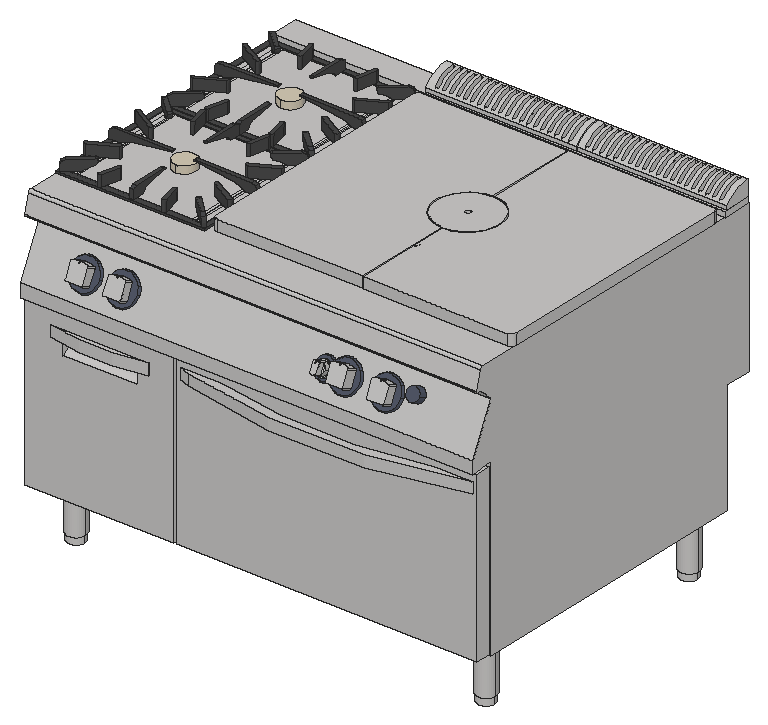
Revit family "QF_ZANUSSI_392021_Z9STGL3010", category Specialty Equipment, Revit 2018 (continued)
Automatic sketch dimensions
  curve 238 to plane 4 "RIGHT" = 0 mm
  plane 5 "FRONT" to curve 258 = 9.347 mm
  plane 17 to curve 258 = 71 mm
  curve 258 to curve 259 = 0.809 mm
  curve 262 to curve 262 = 1.583 mm
  curve 259 to curve 260 = 1.846 mm
  curve 259 to curve 273 = 2.189 mm
  curve 258 to curve 261 = 11.892 mm
  curve 264 to plane 5 "FRONT" = 9.329 mm
  curve 262 to curve 264 = 20.417 mm
  curve 260 to curve 263 = 19.134 mm
  curve 263 to curve 272 = 1.738 mm
  curve 264 to curve 266 = 2 mm
  curve 261 to curve 270 = 22.215 mm
  curve 265 to curve 273 = 19.003 mm
  curve 269 to curve 269 = 0.343 mm
  curve 269 to curve 271 = 1.071 mm
  curve 269 to curve 268 = 2.189 mm
  curve 268 to curve 267 = 0.809 mm
  plane 5 "FRONT" to curve 242 = 9.347 mm
  curve 267 to curve 242 = 54 mm
  curve 242 to curve 243 = 0.809 mm
  curve 246 to curve 246 = 1.583 mm
  curve 243 to curve 244 = 1.846 mm
  curve 243 to curve 257 = 2.189 mm
  curve 242 to curve 245 = 11.892 mm
  curve 248 to plane 5 "FRONT" = 9.329 mm
  curve 246 to curve 248 = 20.417 mm
  curve 257 to curve 247 = 19.134 mm
  curve 247 to curve 256 = 1.738 mm
  curve 248 to curve 249 = 2 mm
  curve 245 to curve 254 = 22.215 mm
  curve 249 to curve 257 = 19.003 mm
  curve 253 to curve 253 = 0.343 mm
  curve 253 to curve 255 = 1.071 mm
  curve 253 to curve 252 = 2.189 mm
  curve 252 to curve 251 = 0.809 mm
  curve 234 to plane 5 "FRONT" = 13.86 mm
  plane 7 "Center Y" to curve 234 = 175.827 mm
  curve 234 to curve 235 = 19.344 mm
  plane 7 "Center Y" to curve 278 = 200 mm
  plane 5 "FRONT" to curve 193 = 9.347 mm
  curve 235 to curve 193 = 22.329 mm
  curve 194 to curve 194 = 0.809 mm
  curve 197 to curve 197 = 1.583 mm
  curve 194 to curve 195 = 1.846 mm
  curve 194 to curve 208 = 2.189 mm
  curve 193 to curve 196 = 11.892 mm
  curve 199 to plane 5 "FRONT" = 9.329 mm
  curve 197 to curve 199 = 20.417 mm
  curve 208 to curve 198 = 19.134 mm
  curve 198 to curve 207 = 1.738 mm
  curve 199 to curve 200 = 2 mm
  curve 196 to curve 205 = 22.215 mm
  curve 200 to curve 208 = 19.003 mm
  curve 208 to curve 204 = 0.343 mm
  curve 204 to curve 206 = 1.071 mm
  curve 208 to curve 203 = 2.189 mm
  curve 203 to curve 202 = 0.809 mm
  plane 5 "FRONT" to curve 209 = 9.347 mm
  curve 202 to curve 209 = 63.5 mm
  curve 210 to curve 210 = 0.809 mm
  curve 213 to curve 213 = 1.583 mm
  curve 210 to curve 211 = 1.846 mm
  curve 210 to curve 224 = 2.189 mm
  curve 209 to curve 212 = 11.892 mm
  curve 215 to plane 5 "FRONT" = 9.329 mm
  curve 213 to curve 215 = 20.417 mm
  curve 224 to curve 214 = 19.134 mm
  curve 214 to curve 223 = 1.738 mm
  curve 215 to curve 216 = 2 mm
  curve 212 to curve 221 = 22.215 mm
  curve 216 to curve 224 = 19.003 mm
  curve 220 to curve 220 = 0.343 mm
  curve 220 to curve 222 = 1.071 mm
  curve 220 to curve 219 = 2.189 mm
  curve 219 to curve 218 = 0.809 mm
  plane 5 "FRONT" to curve 224 = 10.68 mm
  plane 5 "FRONT" to curve 257 = 10.68 mm
  curve 208 to curve 194 = 1.333 mm
  plane 5 "FRONT" to curve 273 = 10.68 mm
  curve 272 to curve 273 = 86.839 mm
  curve 214 to curve 278 = 86.839 mm
  curve 247 to curve 257 = 86.839 mm
  curve 207 to curve 204 = 86.839 mm
  curve 198 to curve 207 = 0 mm
  curve 214 to curve 223 = 0 mm
  curve 263 to curve 272 = 0 mm
  curve 247 to curve 256 = 0 mm
  curve 269 to curve 268 = 1.333 mm
  curve 208 to curve 202 = 1.333 mm
  curve 253 to curve 252 = 1.333 mm
  curve 220 to curve 219 = 1.333 mm
  curve 194 to curve 195 = 2.779 mm
  curve 203 to curve 204 = 2.779 mm
  curve 243 to curve 244 = 2.779 mm
  curve 259 to curve 260 = 2.779 mm
  curve 219 to curve 220 = 2.779 mm
  curve 268 to curve 269 = 2.779 mm
  curve 210 to curve 211 = 2.779 mm
  curve 252 to curve 253 = 2.779 mm
  curve 271 to plane 5 "FRONT" = 7.894 mm
  curve 197 to plane 5 "FRONT" = 7.894 mm
  curve 262 to plane 5 "FRONT" = 7.894 mm
  curve 206 to plane 5 "FRONT" = 7.894 mm
  curve 255 to plane 5 "FRONT" = 7.894 mm
  curve 213 to plane 5 "FRONT" = 7.894 mm
  curve 246 to plane 5 "FRONT" = 7.894 mm
  curve 222 to plane 5 "FRONT" = 7.894 mm
  curve 235 to plane 5 "FRONT" = 13.86 mm
  curve 248 to curve 245 = 41.91 mm
  curve 199 to curve 196 = 41.91 mm
  curve 245 to curve 254 = 0 mm
  curve 264 to curve 261 = 41.91 mm
  curve 216 to curve 221 = 41.91 mm
  curve 196 to curve 205 = 0 mm
  curve 212 to curve 221 = 0 mm
  curve 261 to curve 270 = 0 mm
  curve 276 to plane 1 "BACK" = 337.5 mm
  curve 261 to curve 258 = 9.809 mm
  curve 263 to curve 262 = 0.284 mm
  curve 271 to curve 271 = 0.284 mm
  curve 267 to curve 270 = 9.809 mm
  curve 245 to curve 242 = 9.809 mm
  curve 247 to curve 246 = 0.284 mm
  curve 255 to curve 256 = 0.284 mm
  curve 251 to curve 254 = 9.809 mm
  plane 5 "FRONT" to curve 276 = 0.129 mm
  curve 276 to plane 7 "Center Y" = 138.27 mm
  curve 278 to plane 7 "Center Y" = 24.001 mm
  curve 234 to curve 234 = 1.229 mm
  curve 234 to curve 239 = 1.675 mm
  curve 234 to curve 234 = 0.445 mm
  curve 235 to curve 235 = 1.675 mm
  plane 5 "FRONT" to curve 236 = 0.129 mm
  curve 236 to curve 235 = 0 mm
  curve 235 to curve 235 = 0.445 mm
  curve 196 to curve 193 = 9.809 mm
  curve 197 to curve 197 = 0.284 mm
  curve 206 to curve 206 = 0.284 mm
  curve 202 to curve 205 = 9.809 mm
  curve 212 to curve 209 = 9.809 mm
  curve 214 to curve 213 = 0.284 mm
  curve 222 to curve 222 = 0.284 mm
  curve 218 to curve 221 = 9.809 mm
  curve 221 to curve 241 = 28.904 mm
  plane 5 "FRONT" to curve 277 = 0.129 mm
  curve 241 to curve 277 = 12.288 mm
  curve 241 to curve 241 = 16.26 mm
  curve 241 to curve 241 = 1.74 mm
  plane 5 "FRONT" to curve 274 = 0.129 mm
  plane 5 "FRONT" to curve 275 = 0.129 mm
  plane 5 "FRONT" to curve 237 = 0.129 mm
  curve 255 to curve 255 = 0.567 mm
  curve 246 to curve 246 = 0.567 mm
  curve 271 to curve 271 = 0.567 mm
  curve 222 to curve 222 = 0.567 mm
  curve 262 to curve 262 = 0.567 mm
  curve 197 to curve 197 = 0.567 mm
  curve 213 to curve 213 = 0.567 mm
  curve 206 to curve 206 = 0.567 mm
  curve 271 to curve 270 = 1.156 mm
  curve 222 to curve 221 = 1.156 mm
  curve 255 to curve 254 = 1.156 mm
  curve 213 to curve 212 = 1.156 mm
  curve 246 to curve 245 = 1.156 mm
  curve 198 to curve 196 = 1.156 mm
  curve 207 to curve 205 = 1.156 mm
  curve 262 to curve 261 = 1.156 mm
  curve 234 to curve 234 = 0.083 mm
  curve 235 to curve 235 = 0.083 mm
  curve 240 to plane 5 "FRONT" = 14.871 mm
  curve 263 to curve 264 = 3.441 mm
  curve 207 to curve 201 = 3.441 mm
  curve 205 to curve 202 = 4.292 mm
  curve 264 to curve 266 = 0 mm
  curve 270 to curve 267 = 4.292 mm
  curve 261 to curve 258 = 4.292 mm
  curve 212 to curve 209 = 4.292 mm
  curve 199 to curve 201 = 0 mm
  curve 214 to curve 215 = 3.441 mm
  curve 254 to curve 251 = 4.292 mm
  curve 256 to curve 250 = 3.441 mm
  curve 248 to curve 250 = 0 mm
  curve 215 to curve 217 = 0 mm
  curve 221 to curve 218 = 4.292 mm
  curve 245 to curve 242 = 4.292 mm
  curve 196 to curve 193 = 4.292 mm
  curve 241 to curve 241 = 3.434 mm
  curve 107 to curve 108 = 0 mm  (x2)
  curve 107 to curve 109 = 0 mm  (x2)
  curve 107 to curve 110 = 0 mm  (x2)
  curve 108 to curve 109 = 0 mm  (x2)
  curve 108 to curve 110 = 0 mm  (x2)
  curve 109 to curve 110 = 0 mm  (x2)
  plane 5 "FRONT" to curve 10 = 0 mm
  curve 2 to plane 4 "RIGHT" = 0 mm
  plane 1 "BACK" to curve 91 = 0 mm
  curve 3 to plane 3 "LEFT" = 0 mm
  plane 5 "FRONT" to curve 8 = 0 mm
  plane 5 "FRONT" to curve 6 = 0 mm
  plane 5 "FRONT" to curve 3 = 0 mm
  plane 4 "RIGHT" to curve 10 = 100 mm
  curve 106 to plane 4 "RIGHT" = 12.7 mm
  curve 105 to plane 4 "RIGHT" = 12.7 mm
  plane 1 "BACK" to curve 59 = 6.761 mm
  curve 59 to plane 4 "RIGHT" = 14.847 mm
  curve 59 to curve 61 = 9.296 mm
  curve 61 to curve 63 = 9.397 mm
  curve 63 to curve 65 = 9.296 mm
  curve 70 to plane 16 = 3.768 mm
  plane 16 to curve 69 = 5.528 mm
  curve 69 to curve 71 = 9.397 mm
  curve 71 to curve 73 = 9.296 mm
  curve 73 to curve 78 = 9.397 mm
  curve 75 to curve 77 = 9.296 mm
  curve 77 to curve 82 = 9.397 mm
  curve 79 to curve 81 = 9.296 mm
  curve 81 to curve 83 = 9.397 mm
  curve 83 to curve 84 = 9.296 mm
  curve 85 to curve 90 = 9.397 mm
  curve 87 to curve 88 = 9.296 mm
  curve 89 to curve 15 = 9.397 mm
  curve 15 to curve 17 = 9.296 mm
  curve 17 to curve 19 = 9.397 mm
  curve 19 to curve 20 = 9.296 mm
  curve 21 to curve 26 = 9.397 mm
  curve 23 to curve 25 = 9.296 mm
  curve 25 to curve 27 = 9.397 mm
  curve 27 to curve 28 = 9.296 mm
  curve 29 to curve 34 = 9.397 mm
  curve 31 to curve 32 = 9.296 mm
  curve 32 to curve 36 = 9.397 mm
  curve 35 to curve 38 = 9.296 mm
  curve 36 to curve 40 = 9.397 mm
  curve 39 to curve 42 = 9.296 mm
  curve 40 to curve 43 = 9.397 mm
  curve 43 to curve 44 = 9.296 mm
  curve 44 to curve 48 = 9.397 mm
  curve 47 to curve 50 = 9.296 mm
  curve 48 to curve 52 = 9.397 mm
  curve 51 to curve 54 = 9.296 mm
  curve 53 to curve 58 = 9.397 mm
  curve 55 to curve 56 = 9.296 mm
  curve 57 to curve 11 = 9.397 mm
  curve 11 to curve 12 = 9.296 mm
  curve 12 to curve 100 = 16.57 mm
  plane 12 to curve 103 = 18.671 mm
  plane 7 "Center Y" to curve 103 = 203.647 mm
  plane 8 "Center X" to curve 98 = 24.4 mm
  curve 101 to curve 98 = 1.245 mm
  curve 98 to curve 110 = 0.283 mm
  curve 108 to curve 102 = 0.04 mm
  curve 100 to curve 92 = 2.956 mm
  curve 103 to curve 96 = 2.634 mm
  curve 12 to curve 160 = 35.545 mm
  curve 159 to curve 161 = 9.296 mm
  curve 160 to curve 163 = 9.397 mm
  curve 163 to curve 165 = 9.296 mm
  curve 164 to curve 167 = 9.397 mm
  curve 167 to curve 169 = 9.296 mm
  curve 169 to curve 171 = 9.397 mm
  curve 171 to curve 174 = 9.296 mm
  curve 173 to curve 175 = 9.397 mm
  curve 175 to curve 177 = 9.296 mm
  curve 176 to curve 179 = 9.397 mm
  curve 179 to curve 181 = 9.296 mm
  curve 180 to curve 183 = 9.397 mm
  curve 183 to curve 185 = 9.296 mm
  curve 184 to curve 188 = 9.397 mm
  curve 187 to curve 189 = 9.296 mm
  curve 189 to curve 118 = 9.397 mm
  curve 115 to curve 117 = 9.296 mm
  curve 117 to curve 122 = 9.397 mm
  plane 7 "Center Y" to curve 122 = 7.624 mm
  curve 126 to plane 7 "Center Y" = 1.773 mm
  curve 123 to curve 124 = 9.296 mm
  curve 124 to curve 127 = 9.397 mm
  curve 127 to curve 130 = 9.296 mm
  curve 129 to curve 131 = 9.397 mm
  curve 131 to curve 132 = 9.296 mm
  curve 133 to curve 135 = 9.397 mm
  curve 135 to curve 136 = 9.296 mm
  curve 137 to curve 142 = 9.397 mm
  curve 139 to curve 141 = 9.296 mm
  curve 141 to curve 143 = 9.397 mm
  curve 143 to curve 146 = 9.296 mm
  curve 144 to curve 148 = 9.397 mm
  curve 147 to curve 149 = 9.296 mm
  curve 149 to curve 154 = 9.397 mm
  curve 151 to curve 153 = 9.296 mm
  curve 153 to curve 158 = 9.397 mm
  curve 155 to curve 157 = 9.296 mm
  curve 157 to curve 114 = 9.397 mm
  curve 111 to curve 113 = 9.296 mm
  plane 12 to curve 95 = 31.371 mm
  curve 95 to plane 7 "Center Y" = 183.6 mm
  curve 93 to plane 11 = 13.3 mm
  curve 112 to curve 93 = 4.298 mm
  curve 93 to curve 94 = 12.7 mm
  curve 8 to plane 3 "LEFT" = 100 mm
  curve 8 to plane 1 "BACK" = 100 mm
  plane 1 "BACK" to curve 190 = 6.761 mm
  plane 1 "BACK" to curve 178 = 6.761 mm
  plane 1 "BACK" to curve 179 = 6.761 mm
  plane 1 "BACK" to curve 157 = 6.761 mm
  plane 1 "BACK" to curve 11 = 6.761 mm
  plane 1 "BACK" to curve 154 = 6.761 mm
  plane 1 "BACK" to curve 15 = 6.761 mm
  plane 1 "BACK" to curve 150 = 6.761 mm
  plane 1 "BACK" to curve 19 = 6.761 mm
  plane 1 "BACK" to curve 146 = 6.761 mm
  plane 1 "BACK" to curve 23 = 6.761 mm
  plane 1 "BACK" to curve 142 = 6.761 mm
  plane 1 "BACK" to curve 27 = 6.761 mm
  plane 1 "BACK" to curve 138 = 6.761 mm
  plane 1 "BACK" to curve 31 = 6.761 mm
  plane 1 "BACK" to curve 134 = 6.761 mm
  plane 1 "BACK" to curve 35 = 6.761 mm
  plane 1 "BACK" to curve 130 = 6.761 mm
  plane 1 "BACK" to curve 39 = 6.761 mm
  plane 1 "BACK" to curve 126 = 6.761 mm
  plane 1 "BACK" to curve 43 = 6.761 mm
  plane 1 "BACK" to curve 122 = 6.761 mm
  plane 1 "BACK" to curve 47 = 6.761 mm
  plane 1 "BACK" to curve 118 = 6.761 mm
  plane 1 "BACK" to curve 51 = 6.761 mm
  plane 1 "BACK" to curve 114 = 6.761 mm
  plane 1 "BACK" to curve 55 = 6.761 mm
  plane 1 "BACK" to curve 161 = 6.761 mm
  plane 1 "BACK" to curve 163 = 6.761 mm
  plane 1 "BACK" to curve 167 = 6.761 mm
  plane 1 "BACK" to curve 63 = 6.761 mm
  plane 1 "BACK" to curve 183 = 6.761 mm
  plane 1 "BACK" to curve 67 = 6.761 mm
  plane 1 "BACK" to curve 171 = 6.761 mm
  plane 1 "BACK" to curve 71 = 6.761 mm
  plane 1 "BACK" to curve 75 = 6.761 mm
  plane 1 "BACK" to curve 79 = 6.761 mm
  plane 1 "BACK" to curve 90 = 6.761 mm
  plane 1 "BACK" to curve 83 = 6.761 mm
  curve 85 to curve 84 = 57.15 mm
  curve 87 to curve 84 = 0 mm
  curve 83 to curve 81 = 0 mm
  curve 177 to curve 177 = 57.15 mm
  curve 181 to curve 176 = 0 mm
  curve 79 to curve 77 = 0 mm
  curve 188 to curve 180 = 0 mm
  curve 75 to curve 73 = 0 mm
  curve 175 to curve 173 = 0 mm
  curve 71 to curve 69 = 0 mm
  curve 171 to curve 169 = 0 mm
  curve 187 to curve 185 = 0 mm
  curve 67 to curve 65 = 0 mm
  curve 63 to curve 61 = 0 mm
  curve 167 to curve 165 = 0 mm
  curve 57 to curve 92 = 36.089 mm
  curve 55 to curve 53 = 0 mm
  curve 111 to curve 92 = 36.089 mm
  curve 51 to curve 49 = 0 mm
  curve 115 to curve 188 = 0 mm
  curve 47 to curve 45 = 0 mm
  curve 119 to curve 116 = 0 mm
  curve 43 to curve 41 = 0 mm
  curve 123 to curve 120 = 0 mm
  curve 39 to curve 37 = 0 mm
  curve 127 to curve 124 = 0 mm
  curve 35 to curve 33 = 0 mm
  curve 131 to curve 128 = 0 mm
  curve 31 to curve 29 = 0 mm
  curve 135 to curve 132 = 0 mm
  curve 27 to curve 25 = 0 mm
  curve 139 to curve 136 = 0 mm
  curve 23 to curve 21 = 0 mm
  curve 143 to curve 140 = 0 mm
  curve 19 to curve 17 = 0 mm
  curve 147 to curve 144 = 0 mm
  curve 13 to curve 56 = 0 mm
  curve 151 to curve 148 = 0 mm
  curve 155 to curve 152 = 0 mm
  curve 163 to curve 159 = 0 mm
  curve 100 to plane 11 = 26 mm
  curve 101 to curve 98 = 85.486 mm
  curve 101 to curve 99 = 0.006 mm
  curve 98 to curve 102 = 0 mm
  curve 102 to curve 109 = 0.001 mm
  curve 1 to plane 14 = 0.028 mm
  curve 91 to curve 159 = 14.847 mm
  curve 191 to curve 91 = 0 mm
  curve 1 to plane 7 "Center Y" = 197.5 mm
  curve 112 to curve 192 = 20.698 mm
  curve 112 to curve 192 = 5.939 mm
  curve 4 to curve 5 = 6.35 mm
  curve 98 to curve 108 = 2.881 mm
  curve 110 to curve 102 = 6.999 mm
  Revolve 1 sketch curve to plane 9 "Base" = 0 mm  (x2)
  Revolve 1 sketch curve to level = 0 mm
  Revolve 1 sketch curve to plane 17 = 0 mm  (x2)
  Revolve 1 sketch curve to plane 17 = 22.9 mm
  Revolve 1 sketch curve to Revolve 1 sketch curve = 2.5 mm
  level to Revolve 1 sketch curve = 19.05 mm
  plane 9 "Base" to Revolve 1 sketch curve = 20 mm
  Revolve 2 sketch curve to plane 9 "Base" = 0 mm  (x2)
  Revolve 2 sketch curve to level = 0 mm
  Revolve 2 sketch curve to plane 17 = 0 mm  (x2)
  Revolve 2 sketch curve to plane 17 = 22.9 mm
  Revolve 2 sketch curve to Revolve 2 sketch curve = 2.5 mm
  level to Revolve 2 sketch curve = 19.05 mm
  plane 9 "Base" to Revolve 2 sketch curve = 20 mm
  Revolve 3 sketch curve to plane 9 "Base" = 0 mm  (x2)
  Revolve 3 sketch curve to level = 0 mm
  plane 16 to Revolve 3 sketch curve = 0 mm  (x2)
  Revolve 3 sketch curve to plane 16 = 22.9 mm
  Revolve 3 sketch curve to Revolve 3 sketch curve = 2.5 mm
  level to Revolve 3 sketch curve = 19.05 mm
  plane 9 "Base" to Revolve 3 sketch curve = 20 mm
  Revolve 4 sketch curve to plane 9 "Base" = 0 mm  (x2)
  Revolve 4 sketch curve to level = 0 mm
  plane 16 to Revolve 4 sketch curve = 0 mm  (x2)
  Revolve 4 sketch curve to plane 16 = 22.9 mm
  Revolve 4 sketch curve to Revolve 4 sketch curve = 2.5 mm
  level to Revolve 4 sketch curve = 19.05 mm
  plane 9 "Base" to Revolve 4 sketch curve = 20 mm
  Extrusion 5 sketch curve to plane 5 "FRONT" = 0 mm
  Extrusion 5 sketch curve to plane 10 = 0 mm
  Extrusion 5 sketch curve to plane 9 "Base" = 0 mm
  Extrusion 5 sketch curve to plane 1 "BACK" = 0 mm
  Extrusion 5 sketch curve to plane 5 "FRONT" = 15 mm
  Extrusion 5 sketch curve to plane 5 "FRONT" = 15.116 mm
  Extrusion 5 sketch curve to Extrusion 5 sketch curve = 2.884 mm
  Extrusion 5 sketch curve to plane 10 = 7.474 mm
  Extrusion 5 sketch curve to plane 5 "FRONT" = 28.167 mm
  Extrusion 5 sketch curve to Extrusion 5 sketch curve = 10.198 mm
  Extrusion 5 sketch curve to Extrusion 5 sketch curve = 40 mm
  Extrusion 5 sketch curve to Extrusion 5 sketch curve = 1.355 mm
  Extrusion 5 sketch curve to Extrusion 5 sketch curve = 0.445 mm
  Extrusion 5 sketch curve to Extrusion 5 sketch curve = 5 mm
  Extrusion 5 sketch curve to Extrusion 5 sketch curve = 31.82 mm
  Extrusion 5 sketch curve to plane 11 = 54.562 mm
  plane 9 "Base" to Extrusion 5 sketch curve = 5 mm
  plane 9 "Base" to Extrusion 5 sketch curve = 300.038 mm
  Extrusion 5 sketch curve to Extrusion 5 sketch curve = 242.526 mm
  Extrusion 5 sketch curve to Extrusion 5 sketch curve = 5.508 mm
  Extrusion 5 sketch curve to Extrusion 5 sketch curve = 10.259 mm
  Extrusion 5 sketch curve to Extrusion 5 sketch curve = 35 mm
  Extrusion 5 sketch curve to Extrusion 5 sketch curve = 81.162 mm
  Extrusion 5 sketch curve to Extrusion 5 sketch curve = 49.342 mm
  Extrusion 5 sketch curve to Extrusion 5 sketch curve = 3 mm
  Extrusion 6 sketch curve to plane 10 = 0 mm
  Extrusion 6 sketch curve to plane 1 "BACK" = 0 mm
  plane 10 to Extrusion 6 sketch curve = 14.288 mm
  Extrusion 6 sketch curve to plane 11 = 49.8 mm
  plane 5 "FRONT" to Extrusion 8 sketch curve = 0 mm  (x2)
  Extrusion 8 sketch curve to plane 3 "LEFT" = 0 mm
  plane 1 "BACK" to Extrusion 8 sketch curve = 0 mm
  Extrusion 8 sketch curve to plane 4 "RIGHT" = 0 mm
  Extrusion 8 sketch curve to plane 3 "LEFT" = 100 mm
  plane 4 "RIGHT" to Extrusion 8 sketch curve = 100 mm
  Extrusion 8 sketch curve to plane 1 "BACK" = 100 mm
  Extrusion 9 sketch curve to Extrusion 9 sketch curve = 0 mm  (x5)
  Extrusion 9 sketch curve to plane 4 "RIGHT" = 0 mm
  Extrusion 9 sketch curve to plane 11 = 26 mm
  Extrusion 9 sketch curve to Extrusion 9 sketch curve = 12.7 mm
  Extrusion 9 sketch curve to plane 11 = 13.3 mm
  plane 8 "Center X" to Extrusion 9 sketch curve = 109.886 mm
  Extrusion 9 sketch curve to Extrusion 9 sketch curve = 0.006 mm
  plane 8 "Center X" to Extrusion 9 sketch curve = 24.4 mm
  Extrusion 9 sketch curve to Extrusion 9 sketch curve = 0.001 mm
  plane 15 to Extrusion 9 sketch curve = 57.424 mm
  Extrusion 9 sketch curve to Extrusion 9 sketch curve = 0.017 mm
  Extrusion 9 sketch curve to plane 4 "RIGHT" = 12.7 mm
  plane 12 to Extrusion 9 sketch curve = 31.371 mm  (x2)
  plane 7 "Center Y" to Extrusion 9 sketch curve = 204.128 mm
  Extrusion 9 sketch curve to Extrusion 9 sketch curve = 0.481 mm
  Extrusion 9 sketch curve to Extrusion 9 sketch curve = 0.324 mm
  Extrusion 9 sketch curve to Extrusion 9 sketch curve = 0.04 mm
  Extrusion 9 sketch curve to Extrusion 9 sketch curve = 2.956 mm
  Extrusion 9 sketch curve to plane 7 "Center Y" = 183.6 mm
  Extrusion 10 sketch curve to Extrusion 10 sketch curve = 0 mm  (x2)
  Extrusion 10 sketch curve to plane 15 = 28.871 mm
  plane 7 "Center Y" to Extrusion 10 sketch curve = 202.6 mm
  Extrusion 10 sketch curve to Extrusion 10 sketch curve = 7 mm
  Extrusion 11 sketch curve to plane 4 "RIGHT" = 14.847 mm
  Extrusion 11 sketch curve to Extrusion 11 sketch curve = 9.296 mm  (x19)
  Extrusion 11 sketch curve to Extrusion 11 sketch curve = 9.397 mm  (x18)
  Extrusion 11 sketch curve to plane 16 = 3.768 mm
  plane 16 to Extrusion 11 sketch curve = 5.528 mm
  plane 1 "BACK" to Extrusion 11 sketch curve = 6.761 mm  (x20)
  Extrusion 11 sketch curve to Extrusion 11 sketch curve = 57.15 mm
  Extrusion 11 sketch curve to Extrusion 11 sketch curve = 0 mm  (x19)
  Extrusion 12 sketch curve to plane 1 "BACK" = 0 mm
  Extrusion 12 sketch curve to plane 6 "TOP" = 0 mm
  plane 1 "BACK" to Extrusion 12 sketch curve = 1.769 mm
  plane 10 to Extrusion 12 sketch curve = 23.813 mm
  plane 1 "BACK" to Extrusion 12 sketch curve = 69.85 mm
  plane 10 to Extrusion 12 sketch curve = 14.288 mm
  Extrusion 13 sketch curve to plane 15 = 0 mm
  Extrusion 13 sketch curve to plane 16 = 13 mm
  Extrusion 14 sketch curve to plane 11 = 62.089 mm  (x2)
  plane 7 "Center Y" to Extrusion 14 sketch curve = 185.153 mm
  Extrusion 14 sketch curve to Extrusion 14 sketch curve = 9.296 mm  (x19)
  Extrusion 14 sketch curve to Extrusion 14 sketch curve = 9.397 mm  (x18)
  plane 7 "Center Y" to Extrusion 14 sketch curve = 7.624 mm
  Extrusion 14 sketch curve to plane 7 "Center Y" = 1.773 mm
  Extrusion 14 sketch curve to Extrusion 14 sketch curve = 0 mm  (x18)
  plane 1 "BACK" to Extrusion 14 sketch curve = 6.761 mm  (x20)
  Extrusion 15 sketch curve to plane 1 "BACK" = 0 mm
  Extrusion 15 sketch curve to plane 6 "TOP" = 0 mm
  plane 1 "BACK" to Extrusion 15 sketch curve = 1.769 mm
  plane 10 to Extrusion 15 sketch curve = 23.813 mm
  plane 1 "BACK" to Extrusion 15 sketch curve = 69.85 mm
  plane 10 to Extrusion 15 sketch curve = 14.288 mm
  plane 7 "Center Y" to Blend 16 sketch curve = 187.5 mm  (x2)
  Blend 16 sketch curve to Blend 16 sketch curve = 53 mm  (x2)
  Blend 16 sketch curve to Blend 16 sketch curve = 0 mm  (x2)
  Blend 16 sketch curve to Blend 16 sketch curve = 17.95 mm
  Blend 16 sketch curve to Blend 16 sketch curve = 24.037 mm
  Blend 16 sketch curve to Blend 16 sketch curve = 18.422 mm
  Blend 16 sketch curve to Blend 16 sketch curve = 21.086 mm
  plane 7 "Center Y" to Extrusion 17 sketch curve = 185.499 mm
  plane 7 "Center Y" to Extrusion 18 sketch curve = 217.5 mm
  Extrusion 18 sketch curve to Extrusion 18 sketch curve = 2.997 mm  (x3)
  Extrusion 18 sketch curve to Extrusion 18 sketch curve = 20.003 mm  (x2)
  Extrusion 18 sketch curve to Extrusion 18 sketch curve = 40.005 mm
  Extrusion 18 sketch curve to Extrusion 18 sketch curve = 5.399 mm
  Extrusion 18 sketch curve to Extrusion 18 sketch curve = 40.037 mm
  Extrusion 18 sketch curve to Extrusion 18 sketch curve = 0 mm  (x2)
  Split face 27 sketch curve to Split face 27 sketch curve = 2.545 mm
  Split face 27 sketch curve to Split face 27 sketch curve = 4.379 mm
  Split face 28 sketch curve to Split face 28 sketch curve = 0.816 mm  (x2)
  Split face 28 sketch curve to Split face 28 sketch curve = 2.828 mm
  plane 7 "Center Y" to Extrusion 19 sketch curve = 185.499 mm
  plane 7 "Center Y" to Extrusion 20 sketch curve = 168.607 mm
  Extrusion 20 sketch curve to Extrusion 20 sketch curve = 6.058 mm
  Extrusion 20 sketch curve to Extrusion 20 sketch curve = 0.01 mm  (x2)
  Extrusion 20 sketch curve to Extrusion 20 sketch curve = 8.895 mm  (x2)
  Extrusion 20 sketch curve to Extrusion 20 sketch curve = 15.995 mm
  Extrusion 20 sketch curve to Extrusion 20 sketch curve = 2.827 mm  (x3)
  Extrusion 20 sketch curve to Extrusion 20 sketch curve = 0 mm
  Extrusion 20 sketch curve to Extrusion 20 sketch curve = 15.163 mm
  Extrusion 20 sketch curve to Extrusion 20 sketch curve = 15.173 mm
  Extrusion 21 sketch curve to plane 5 "FRONT" = 9.329 mm
  Extrusion 21 sketch curve to plane 10 = 112.016 mm
  Extrusion 21 sketch curve to Extrusion 21 sketch curve = 3 mm
  Extrusion 21 sketch curve to Extrusion 21 sketch curve = 0 mm  (x2)
  Extrusion 21 sketch curve to Extrusion 21 sketch curve = 1 mm
  Extrusion 21 sketch curve to Extrusion 21 sketch curve = 15 mm
  Extrusion 22 sketch curve to Extrusion 22 sketch curve = 0 mm  (x2)
  Extrusion 22 sketch curve to plane 5 "FRONT" = 15.005 mm
  Extrusion 22 sketch curve to plane 10 = 123.007 mm
  Extrusion 22 sketch curve to Extrusion 22 sketch curve = 1 mm
  Extrusion 22 sketch curve to Extrusion 22 sketch curve = 2.764 mm
  Extrusion 22 sketch curve to Extrusion 22 sketch curve = 2.616 mm
  Extrusion 22 sketch curve to Extrusion 22 sketch curve = 12.193 mm
  plane 16 to Blend 23 sketch curve = 194 mm  (x2)
  plane 16 to Extrusion 24 sketch curve = 217 mm
  Extrusion 24 sketch curve to Extrusion 24 sketch curve = 2.997 mm  (x3)
  Extrusion 24 sketch curve to Extrusion 24 sketch curve = 20.003 mm  (x2)
  Extrusion 24 sketch curve to Extrusion 24 sketch curve = 40.005 mm
  Extrusion 24 sketch curve to Extrusion 24 sketch curve = 5.399 mm
  Extrusion 24 sketch curve to Extrusion 24 sketch curve = 40.037 mm
  Extrusion 24 sketch curve to Extrusion 24 sketch curve = 0 mm  (x2)
  plane 16 to Extrusion 25 sketch curve = 211.5 mm
  Extrusion 25 sketch curve to Extrusion 25 sketch curve = 35 mm  (x2)
  Extrusion 26 sketch curve to plane 5 "FRONT" = 9.329 mm
  Extrusion 26 sketch curve to plane 10 = 112.016 mm
  Extrusion 26 sketch curve to Extrusion 26 sketch curve = 3 mm
  Extrusion 26 sketch curve to Extrusion 26 sketch curve = 0 mm
  Extrusion 26 sketch curve to Extrusion 26 sketch curve = 1 mm  (x2)
  Extrusion 26 sketch curve to Extrusion 26 sketch curve = 15 mm
  plane 16 to Extrusion 27 sketch curve = 116.027 mm
  plane 16 to Extrusion 28 sketch curve = 116.027 mm
  Extrusion 29 sketch curve to plane 14 = 0.028 mm
  plane 9 "Base" to Extrusion 29 sketch curve = 5 mm
  Extrusion 29 sketch curve to plane 5 "FRONT" = 15 mm
  plane 9 "Base" to Extrusion 29 sketch curve = 6.461 mm
  Extrusion 29 sketch curve to Extrusion 29 sketch curve = 36.025 mm
  Extrusion 30 sketch curve to Extrusion 30 sketch curve = 0 mm  (x6)
  Extrusion 30 sketch curve to plane 4 "RIGHT" = 10 mm
  Extrusion 30 sketch curve to plane 5 "FRONT" = 15 mm  (x2)
  plane 16 to Extrusion 30 sketch curve = 47.605 mm
  plane 7 "Center Y" to Extrusion 30 sketch curve = 200 mm
  Extrusion 30 sketch curve to plane 1 "BACK" = 337.5 mm
  Extrusion 30 sketch curve to plane 5 "FRONT" = 4.65 mm
  plane 17 to Blend 31 sketch curve = 94 mm  (x2)
  plane 17 to Extrusion 32 sketch curve = 71 mm
  Extrusion 32 sketch curve to Extrusion 32 sketch curve = 2.997 mm  (x3)
  Extrusion 32 sketch curve to Extrusion 32 sketch curve = 20.003 mm  (x2)
  Extrusion 32 sketch curve to Extrusion 32 sketch curve = 40.005 mm
  Extrusion 32 sketch curve to Extrusion 32 sketch curve = 5.399 mm
  Extrusion 32 sketch curve to Extrusion 32 sketch curve = 40.037 mm
  Extrusion 32 sketch curve to Extrusion 32 sketch curve = 0 mm  (x2)
  Extrusion 33 sketch curve to plane 5 "FRONT" = 9.329 mm
  Extrusion 33 sketch curve to plane 10 = 112.016 mm
  Extrusion 33 sketch curve to Extrusion 33 sketch curve = 3 mm
  Extrusion 33 sketch curve to Extrusion 33 sketch curve = 0 mm  (x2)
  Extrusion 33 sketch curve to Extrusion 33 sketch curve = 1 mm
  Extrusion 33 sketch curve to Extrusion 33 sketch curve = 15 mm
  plane 17 to Extrusion 34 sketch curve = 76.5 mm
  Extrusion 34 sketch curve to Extrusion 34 sketch curve = 35 mm  (x2)
  Extrusion 35 sketch curve to plane 5 "FRONT" = 9.329 mm
  Extrusion 35 sketch curve to plane 10 = 112.016 mm
  Extrusion 35 sketch curve to Extrusion 35 sketch curve = 3 mm
  Extrusion 35 sketch curve to Extrusion 35 sketch curve = 0 mm
  Extrusion 35 sketch curve to Extrusion 35 sketch curve = 1 mm  (x2)
  Extrusion 35 sketch curve to Extrusion 35 sketch curve = 15 mm
  plane 17 to Extrusion 36 sketch curve = 211.5 mm
  Extrusion 36 sketch curve to Extrusion 36 sketch curve = 35 mm  (x2)
  plane 17 to Blend 37 sketch curve = 194 mm  (x2)
  plane 17 to Extrusion 38 sketch curve = 217 mm
  Extrusion 38 sketch curve to Extrusion 38 sketch curve = 2.997 mm  (x3)
  Extrusion 38 sketch curve to Extrusion 38 sketch curve = 20.003 mm  (x2)
  Extrusion 38 sketch curve to Extrusion 38 sketch curve = 40.005 mm
  Extrusion 38 sketch curve to Extrusion 38 sketch curve = 0 mm  (x2)
  Extrusion 38 sketch curve to Extrusion 38 sketch curve = 40.037 mm
  Extrusion 38 sketch curve to Extrusion 38 sketch curve = 5.399 mm
  Split face 41 sketch curve to Split face 41 sketch curve = 6 mm
  Split face 41 sketch curve to Split face 41 sketch curve = 10 mm
  Split face 42 sketch curve to Split face 42 sketch curve = 5 mm
  Split face 42 sketch curve to Split face 42 sketch curve = 9 mm
  Split face 43 sketch curve to Split face 43 sketch curve = 5 mm
  Split face 44 sketch curve to Split face 44 sketch curve = 5 mm
  Split face 45 sketch curve to Split face 45 sketch curve = 6 mm
  Split face 45 sketch curve to Split face 45 sketch curve = 10 mm
  Split face 46 sketch curve to Split face 46 sketch curve = 5 mm
  Split face 46 sketch curve to Split face 46 sketch curve = 9 mm
  Split face 47 sketch curve to Split face 47 sketch curve = 5 mm
  Split face 48 sketch curve to Split face 48 sketch curve = 5 mm
  plane 5 "FRONT" to curve 226 = 10.977 mm
  plane 7 "Center Y" to curve 226 = 193.497 mm
  curve 226 to curve 233 = 7.998 mm
  plane 5 "FRONT" to curve 225 = 10.977 mm
  curve 233 to plane 5 "FRONT" = 17.937 mm
  curve 229 to curve 229 = 2.259 mm
  curve 228 to curve 229 = 0.319 mm
  curve 228 to curve 226 = 3.717 mm
  curve 229 to curve 228 = 1.423 mm
  curve 232 to curve 228 = 4.288 mm
  curve 228 to curve 233 = 0.001 mm
  curve 228 to curve 227 = 0.001 mm
  plane 5 "FRONT" to curve 230 = 0.716 mm
  curve 230 to curve 230 = 0.865 mm
  curve 230 to plane 5 "FRONT" = 1.976 mm
  curve 230 to curve 227 = 0.141 mm
  curve 225 to curve 227 = 3.718 mm
  curve 228 to curve 227 = 0 mm
  curve 229 to plane 5 "FRONT" = 1.57 mm
  curve 230 to plane 5 "FRONT" = 1.659 mm
  curve 229 to plane 5 "FRONT" = 2.134 mm
  curve 232 to curve 229 = 5.39 mm
  curve 233 to curve 228 = 7.787 mm
  curve 227 to curve 228 = 0.003 mm
  curve 231 to curve 227 = 0 mm  (x2)
  curve 227 to curve 225 = 1.224 mm
  curve 228 to curve 226 = 1.224 mm
  curve 228 to curve 232 = 0 mm
  Extrusion 39 sketch curve to plane 5 "FRONT" = 15 mm
  Extrusion 39 sketch curve to plane 7 "Center Y" = 269.727 mm
  plane 17 to Extrusion 39 sketch curve = 144 mm
  plane 17 to Extrusion 39 sketch curve = 13.727 mm
  plane 8 "Center X" to Extrusion 39 sketch curve = 151.997 mm
  Extrusion 39 sketch curve to Extrusion 39 sketch curve = 0.915 mm
  Extrusion 40 sketch curve to plane 5 "FRONT" = 12.909 mm
  Extrusion 40 sketch curve to plane 5 "FRONT" = 15 mm
  Extrusion 40 sketch curve to Extrusion 40 sketch curve = 22 mm
  plane 9 "Base" to Extrusion 40 sketch curve = 347 mm
  Extrusion 40 sketch curve to Extrusion 40 sketch curve = 26 mm
  Extrusion 41 sketch curve to plane 3 "LEFT" = 0 mm
  Extrusion 41 sketch curve to Extrusion 41 sketch curve = 2.576 mm
  Extrusion 41 sketch curve to plane 5 "FRONT" = 42.863 mm
  Extrusion 41 sketch curve to plane 7 "Center Y" = 202.584 mm
  Extrusion 42 sketch curve to plane 3 "LEFT" = 402.5 mm
  Extrusion 42 sketch curve to Extrusion 42 sketch curve = 6.055 mm
  Extrusion 42 sketch curve to plane 9 "Base" = 5 mm
  plane 10 to Extrusion 42 sketch curve = 250 mm
  radius of Extrusion 7 sketch curve = 6.4 mm
  radius of Extrusion 9 sketch curve = 82.6 mm
  radius of Extrusion 9 sketch curve = 7 mm
  radius of Extrusion 13 sketch curve = 12.7 mm
  radius of Extrusion 17 sketch curve = 20 mm
  radius of Split face 1 sketch curve = 1 mm
  radius of Split face 2 sketch curve = 1 mm
  radius of Split face 3 sketch curve = 1 mm
  radius of Split face 4 sketch curve = 1 mm
  radius of Split face 5 sketch curve = 1 mm
  radius of Split face 6 sketch curve = 1 mm
  radius of Split face 7 sketch curve = 1 mm
  radius of Split face 8 sketch curve = 1 mm
  radius of Split face 9 sketch curve = 1 mm
  radius of Split face 10 sketch curve = 1 mm
  radius of Split face 11 sketch curve = 1 mm
  radius of Split face 12 sketch curve = 1 mm
  radius of Split face 13 sketch curve = 1 mm
  radius of Split face 14 sketch curve = 1 mm
  radius of Split face 15 sketch curve = 1 mm
  radius of Split face 16 sketch curve = 1 mm
  radius of Split face 17 sketch curve = 1 mm
  radius of Split face 18 sketch curve = 1 mm
  radius of Split face 19 sketch curve = 1 mm
  radius of Split face 20 sketch curve = 1 mm
  radius of Split face 21 sketch curve = 1 mm
  radius of Split face 22 sketch curve = 1 mm
  radius of Split face 23 sketch curve = 1 mm
  radius of Split face 24 sketch curve = 1 mm
  radius of Split face 25 sketch curve = 1.508 mm
  radius of Split face 26 sketch curve = 1.343 mm
  radius of Extrusion 19 sketch curve = 16 mm
  radius of Blend 23 sketch curve = 42.5 mm
  radius of Blend 23 sketch curve = 40.5 mm
  radius of Split face 29 sketch curve = 1.5 mm
  radius of Split face 30 sketch curve = 1.5 mm
  radius of Split face 31 sketch curve = 1.5 mm
  radius of Split face 32 sketch curve = 1.5 mm
  radius of Split face 33 sketch curve = 1.5 mm
  radius of Split face 34 sketch curve = 1.5 mm
  radius of Split face 35 sketch curve = 1.5 mm
  radius of Split face 36 sketch curve = 2.5 mm
  radius of Split face 37 sketch curve = 2.031 mm
  radius of Split face 38 sketch curve = 1.5 mm
  radius of Split face 39 sketch curve = 1.5 mm
  radius of Extrusion 27 sketch curve = 18 mm
  radius of Extrusion 28 sketch curve = 15 mm
  radius of Blend 31 sketch curve = 42.5 mm
  radius of Blend 31 sketch curve = 40.5 mm
  radius of Split face 40 sketch curve = 3 mm
  radius of Blend 37 sketch curve = 42.5 mm
  radius of Blend 37 sketch curve = 40.5 mm
  radius of Split face 49 sketch curve = 1.5 mm
  radius of Split face 50 sketch curve = 2.029 mm
  radius of Split face 51 sketch curve = 2.031 mm
  radius of Split face 52 sketch curve = 3.497 mm
  radius of Split face 53 sketch curve = 3.497 mm
  radius of Split face 54 sketch curve = 3 mm
  radius of Split face 55 sketch curve = 1.5 mm
Nested families
  nested 1: "QF_392021_BURNER" at (0, -440.6, 0), type "QF_392021_BURNER"
    with Type Mark "", Status "", Specification by User "", Revision Code "", Item Number "", Installed By "", Identify Quantity as Lot yes, Furnished By "", Foodservice Equipment Identifier yes
  nested 2: "QF_392021_BURNER" at (0, -440.6, 0), type "QF_392021_BURNER"
    with Type Mark "", Status "", Specification by User "", Revision Code "", Item Number "", Installed By "", Identify Quantity as Lot yes, Furnished By "", Foodservice Equipment Identifier yes
Connectors
  piping at (1148, -664, 129), diameter 12.8
    settings: on Extrusion 7, index 1, connector inside diameter 0.50394", connector length 0 mm, flow factor 0, pipe flow 0 GPM, pressure drop 0.00 psi, fitting loss kfactor 0, connector angle 0.00°, fixture units 0, engagement length 0 mm, angle of deflection 0.00°, flow configuration 1, flow direction 1, fitting loss method 0, system type 7, joint type 0, gender type 0, connector reference index -1, connector utility 0, adjustable connector no, is connector primary yes, connector description "GAS CONNECTION"
Definition of nested family "QF_392021_BURNER"
  Parameters
    Weight in Pounds = 0
    URL Cutsheet = ""
    URL = "www.electrolux.com"
    Type Mark [instance] = ""
    Status [instance] = ""
    Specification by User [instance] = ""
    Specification by Manufacturer = ""
    Show Clearance [instance] = yes
    Serial Number = ""
    Seismic Rating = ""
    SMACNA No = ""
    Revision Code [instance] = ""
    Omniclass Number and Title = ""
    NAFEM Spec ID Number = ""
    Model = "371009"
    Masterspec = ""
    Manufacturer = "ELECTROLUX"
    Item Number [instance] = ""
    Installed By [instance] = ""
    Identify Quantity as Lot [instance] = yes
    Furnished By [instance] = ""
    Foodservice Equipment Identifier [instance] = yes
    Description = ""
    CSI MasterFormat = ""
    CSI Master Format = ""
  Reference planes
    plane 1 "BACK": y = 0
    plane 2: z = 0
    plane 3 "LEFT": x = 0
    plane 4 "RIGHT": x = 393.7
    plane 5 "FRONT": y = -355.6
    plane 6 "TOP": z = 908.85
    plane 7 "Center Y": x = 196.85
    plane 8 "Center X": y = -177.8
    plane 9 "Base": z = 150
    plane 10: z = 850.85
  Forms (mm)
    Extrusion 1, solid
      sketch origin (-6.433, -404.961, 5) x (1, 0, 0) y (0, 0, -1)
        loop
          arc (7.142, -850.85) -> (6.739, -862.989) -> (9.761, -874.752) r 42.809
          line (9.761, -874.752) -> (19.961, -879.425) -> (173.122, -879.425)
          arc (173.122, -879.425) -> (174.316, -878.312) -> (173.289, -877.043) r 1.197
          line (173.289, -877.043) -> (64.848, -864.021)
          arc (64.848, -864.021) -> (50.111, -858.738) -> (36.589, -850.85) r 85.245
          line (36.589, -850.85) -> (7.142, -850.85)
        loop
          line (399.424, -850.85) -> (369.977, -850.85)
          arc (369.977, -850.85) -> (356.455, -858.738) -> (341.718, -864.021) r 85.245
          line (341.718, -864.021) -> (233.277, -877.043)
          arc (233.277, -877.043) -> (232.25, -878.312) -> (233.444, -879.425) r 1.197
          line (233.444, -879.425) -> (386.605, -879.425) -> (396.806, -874.752)
          arc (396.806, -874.752) -> (399.827, -862.989) -> (399.424, -850.85) r 42.809
      from 224.564 to 234.564
    Extrusion 2, solid
      sketch origin (196.85, 175.397, 1219.2) x (0, 1, 0) y (0, 0, 1)
        loop
          line (-204.463, -363.35) -> (-175.397, -363.35) -> (-175.397, -339.506)
          arc (-175.397, -339.506) -> (-181.025, -338.266) -> (-185.611, -334.775) r 13.39
          line (-185.611, -334.775) -> (-278.903, -334.775)
          arc (-278.903, -334.775) -> (-280.097, -335.888) -> (-279.07, -337.157) r 1.197
          line (-279.07, -337.157) -> (-227.151, -347.464)
          arc (-227.151, -347.464) -> (-213.741, -352.457) -> (-204.463, -363.35) r 28.426
        loop
          arc (-496.332, -363.35) -> (-487.053, -352.457) -> (-473.644, -347.464) r 28.426
          line (-473.644, -347.464) -> (-421.725, -337.157)
          arc (-421.725, -337.157) -> (-420.697, -335.888) -> (-421.891, -334.775) r 1.197
          line (-421.891, -334.775) -> (-515.184, -334.775)
          arc (-515.184, -334.775) -> (-519.769, -338.266) -> (-525.397, -339.506) r 13.39
          line (-525.397, -339.506) -> (-525.397, -363.35) -> (-496.332, -363.35)
      from -5 to 5
    Extrusion 3, solid
      sketch origin (-6.433, 367.064, 850.85) x (0, -1, 0) y (1, 0, 0)
        loop
          line (722.664, 6.433) -> (722.664, 400.133) -> (367.064, 400.133) -> (367.064, 6.433) -> (722.664, 6.433)
        loop
          line (382.064, 21.433) -> (707.664, 21.433) -> (707.664, 385.133) -> (382.064, 385.133) -> (382.064, 21.433)
      from 0 to 5
    Extrusion 4, solid
      sketch origin (-18.933, 367.064, 855.85) x (0, -1, 0) y (1, 0, 0)
        loop
          circle (541.667, 215.783) r 30
      from -1.321 to 17.134
    Extrusion 5, solid
      sketch origin (-6.433, -367.064, 0) x (1, 0, 0) y (0, 0, -1)
        loop
          line (21.433, -855.85) -> (36.589, -855.85)
          arc (36.589, -855.85) -> (40.561, -855.243) -> (44.305, -853.783) r 18.259
          arc (44.305, -853.783) -> (45.997, -853.366) -> (47.69, -853.783) r 3.649
          arc (47.69, -853.783) -> (49.901, -854.522) -> (52.232, -854.529) r 7.328
          line (52.232, -854.529) -> (354.334, -854.529)
          arc (354.334, -854.529) -> (356.666, -854.522) -> (358.877, -853.783) r 7.328
          arc (358.877, -853.783) -> (360.569, -853.366) -> (362.261, -853.783) r 3.649
          arc (362.261, -853.783) -> (366.005, -855.243) -> (369.977, -855.85) r 18.259
          line (369.977, -855.85) -> (385.133, -855.85) -> (385.133, -850.85) -> (21.433, -850.85) -> (21.433, -855.85)
      from 26.464 to 352.064
    Extrusion 6, solid
      sketch origin (83.284, -458.334, 5) x (0.742103, 0.670286, 0) y (0, 0, -1)
        loop
          arc (88.629, -864.012) -> (73.909, -858.731) -> (60.402, -850.85) r 85.245
          line (60.402, -850.85) -> (14.993, -850.85)
          arc (14.993, -850.85) -> (14.642, -862.948) -> (17.686, -874.663) r 42.876
          line (17.686, -874.663) -> (27.899, -879.425) -> (89.664, -879.425)
          arc (89.664, -879.425) -> (92.39, -878.352) -> (93.654, -875.709) r 4
          arc (93.654, -875.709) -> (92.562, -869.25) -> (88.629, -864.012) r 13.87
        loop
          arc (457.638, -864.012) -> (453.704, -869.25) -> (452.613, -875.709) r 13.87
          arc (452.613, -875.709) -> (453.876, -878.352) -> (456.603, -879.425) r 4
          line (456.603, -879.425) -> (518.367, -879.425) -> (528.581, -874.663)
          arc (528.581, -874.663) -> (531.624, -862.948) -> (531.273, -850.85) r 42.876
          line (531.273, -850.85) -> (485.865, -850.85)
          arc (485.865, -850.85) -> (472.357, -858.731) -> (457.638, -864.012) r 85.245
      from 127.064 to 137.064
    Extrusion 7, solid
      sketch origin (310.416, -458.334, 5) x (-0.742103, 0.670286, 0) y (0, 0, 1)
        loop
          arc (88.629, 864.012) -> (92.562, 869.25) -> (93.654, 875.709) r 13.87
          arc (93.654, 875.709) -> (92.39, 878.352) -> (89.664, 879.425) r 4
          line (89.664, 879.425) -> (27.899, 879.425) -> (17.686, 874.663)
          arc (17.686, 874.663) -> (14.642, 862.948) -> (14.993, 850.85) r 42.876
          line (14.993, 850.85) -> (60.402, 850.85)
          arc (60.402, 850.85) -> (73.909, 858.731) -> (88.629, 864.012) r 85.245
        loop
          arc (457.638, 864.012) -> (472.357, 858.731) -> (485.865, 850.85) r 85.245
          line (485.865, 850.85) -> (531.273, 850.85)
          arc (531.273, 850.85) -> (531.624, 862.948) -> (528.581, 874.663) r 42.876
          line (528.581, 874.663) -> (518.367, 879.425) -> (456.603, 879.425)
          arc (456.603, 879.425) -> (453.876, 878.352) -> (452.613, 875.709) r 4
          arc (452.613, 875.709) -> (453.704, 869.25) -> (457.638, 864.012) r 13.87
      from 127.064 to 137.064
    Extrusion 8, solid
      sketch origin (-6.433, 367.064, 855.85) x (0, -1, 0) y (1, 0, 0)
        loop
          arc (626.166, 9.428) -> (632.956, 7.454) -> (634.93, 14.244) r 5
          line (634.93, 14.244) -> (600.514, 76.878)
          arc (600.514, 76.878) -> (593.724, 78.852) -> (591.75, 72.062) r 5
          line (591.75, 72.062) -> (626.166, 9.428)
        loop
          line (463.562, 9.428) -> (497.977, 72.062)
          arc (497.977, 72.062) -> (496.003, 78.852) -> (489.213, 76.878) r 5
          line (489.213, 76.878) -> (454.798, 14.244)
          arc (454.798, 14.244) -> (456.772, 7.454) -> (463.562, 9.428) r 5
        loop
          line (626.166, 397.138) -> (591.75, 334.504)
          arc (591.75, 334.504) -> (593.724, 327.714) -> (600.514, 329.689) r 5
          line (600.514, 329.689) -> (634.93, 392.323)
          arc (634.93, 392.323) -> (632.956, 399.113) -> (626.166, 397.138) r 5
        loop
          arc (463.562, 397.138) -> (456.772, 399.113) -> (454.798, 392.323) r 5
          line (454.798, 392.323) -> (489.213, 329.689)
          arc (489.213, 329.689) -> (496.003, 327.714) -> (497.977, 334.504) r 5
          line (497.977, 334.504) -> (463.562, 397.138)
        loop
          line (715.14, 293.499) -> (666.703, 282.317)
          arc (666.703, 282.317) -> (662.956, 276.32) -> (668.953, 272.573) r 5
          line (668.953, 272.573) -> (717.389, 283.756)
          arc (717.389, 283.756) -> (721.136, 289.752) -> (715.14, 293.499) r 5
        loop
          arc (715.14, 113.067) -> (721.136, 116.814) -> (717.389, 122.811) r 5
          line (717.389, 122.811) -> (668.953, 133.993)
          arc (668.953, 133.993) -> (662.956, 130.246) -> (666.703, 124.249) r 5
          line (666.703, 124.249) -> (715.14, 113.067)
        loop
          arc (374.588, 293.499) -> (368.591, 289.752) -> (372.338, 283.756) r 5
          line (372.338, 283.756) -> (420.775, 272.573)
          arc (420.775, 272.573) -> (426.771, 276.32) -> (423.024, 282.317) r 5
          line (423.024, 282.317) -> (374.588, 293.499)
        loop
          line (374.588, 113.067) -> (423.024, 124.249)
          arc (423.024, 124.249) -> (426.771, 130.246) -> (420.775, 133.993) r 5
          line (420.775, 133.993) -> (372.338, 122.811)
          arc (372.338, 122.811) -> (368.591, 116.814) -> (374.588, 113.067) r 5
      from 0 to 28.575
  Lines and regions (mm)
    symbolic lines
      curve 1: line (0, -355.6, 150) -> (393.7, -355.6, 150)
      curve 2: line (0, 0, 150) -> (0, -355.6, 150)
      curve 3: line (393.7, -355.6, 150) -> (393.7, 0, 150)
      curve 4: line (369.633, -15, 150) -> (285.34, -15, 150)
      curve 5: line (24.067, -340.6, 150) -> (108.36, -340.6, 150)
      curve 6: line (157.475, -170.397, 150) -> (157.475, -15, 150)
      curve 7: line (236.225, -170.397, 150) -> (236.225, -15, 150)
      curve 8: line (201.85, -350, 150) -> (201.85, -176.674, 150)
      curve 9: line (0, -180.397, 150) -> (167.224, -180.397, 150)
      curve 10: line (393.7, -170.397, 150) -> (228.275, -170.397, 150)
      curve 11: line (15, -180.397, 150) -> (15, -252.506, 150)
      curve 12: line (45.799, -340.6, 150) -> (45.799, -320.971, 150)
      curve 13: line (167.224, -170.397, 150) -> (0, -170.397, 150)
      curve 14: line (228.275, -180.504, 150) -> (393.7, -180.504, 150)
      curve 15: arc (228.275, -170.397, 150) -> (223.221, -175.45, 150) -> (228.275, -180.504, 150) r 5.054
      curve 16: arc (167.224, -170.397, 150) -> (172.224, -175.397, 150) -> (167.224, -180.397, 150) r 5
      curve 17: line (191.85, -176.674, 150) -> (191.85, -350, 150)
      curve 18: line (201.85, -134.556, 150) -> (201.85, -0.794, 150)
      curve 19: arc (201.85, -176.674, 150) -> (196.85, -171.674, 150) -> (191.85, -176.674, 150) r 5
      curve 20: arc (201.85, -134.556, 150) -> (196.85, -139.556, 150) -> (191.85, -134.556, 150) r 5
      curve 21: line (191.85, -15, 150) -> (118.623, -15, 150)
      curve 22: arc (201.85, -29.042, 150) -> (213.272, -50.008, 150) -> (201.85, -70.973, 150) r 24.953
      curve 23: arc (213.086, -53.048, 150) -> (214.5, -50.008, 150) -> (213.086, -46.967, 150) r 3.975
      curve 24: arc (191.85, -29.852, 150) -> (181.339, -50.008, 150) -> (191.85, -70.163, 150) r 24.58
      curve 25: arc (181.527, -53.042, 150) -> (179.976, -50.008, 150) -> (181.527, -46.973, 150) r 3.745
      curve 26: line (191.85, -0.794, 150) -> (191.85, -134.556, 150)
      curve 27: line (191.85, -350, 150) -> (201.85, -350, 150)
      curve 28: line (191.85, -11.007, 150) -> (201.85, -11.007, 150)
      curve 29: line (191.85, -0.794, 150) -> (201.85, -0.794, 150)
      curve 30: line (201.85, -340.6, 150) -> (275.077, -340.6, 150)
      curve 31: arc (196.85, -145.397, 0) -> (166.955, -172.888, 0) -> (191.85, -204.977, 0) r 30
      curve 32: arc (201.85, -204.977, 0) -> (226.745, -172.888, 0) -> (196.85, -145.397, 0) r 30
      curve 33: arc (158.678, -180.397, 0) -> (170.734, -200.207, 0) -> (191.85, -209.795, 0) r 39.375
      curve 34: line (163.825, -170.397, 150) -> (163.825, -15, 150)
      curve 35: line (229.875, -170.397, 150) -> (229.875, -15, 150)
      curve 36: line (144.775, -170.397, 150) -> (144.775, -15, 150)
      curve 37: line (248.925, -170.397, 150) -> (248.925, -15, 150)
      curve 38: arc (145.678, -180.397, 0) -> (161.728, -209.187, 0) -> (191.85, -222.573, 0) r 52.075
      curve 39: arc (201.85, -209.795, 0) -> (222.966, -200.207, 0) -> (235.022, -180.397, 0) r 39.375
      curve 40: arc (201.85, -222.573, 0) -> (231.931, -209.224, 0) -> (248.001, -180.504, 0) r 52.075
      curve 41: line (393.7, 0, 0) -> (0, 0, 0)
      curve 42: line (70.445, -122.149, 0) -> (7.81, -87.734, 0)
      curve 43: arc (7.81, -87.734, 0) -> (1.021, -89.708, 0) -> (2.995, -96.498, 0) r 5
      curve 44: line (2.995, -96.498, 0) -> (65.629, -130.914, 0)
      curve 45: arc (65.629, -130.914, 0) -> (72.419, -128.939, 0) -> (70.445, -122.149, 0) r 5
      curve 46: line (65.629, -224.686, 0) -> (2.995, -259.102, 0)
      curve 47: arc (2.995, -259.102, 0) -> (1.021, -265.892, 0) -> (7.81, -267.866, 0) r 5
      curve 48: line (7.81, -267.866, 0) -> (70.445, -233.451, 0)
      curve 49: arc (70.445, -233.451, 0) -> (72.419, -226.661, 0) -> (65.629, -224.686, 0) r 5
      curve 50: line (323.255, -122.149, 0) -> (385.89, -87.734, 0)
      curve 51: arc (385.89, -87.734, 0) -> (392.679, -89.708, 0) -> (390.705, -96.498, 0) r 5
      curve 52: line (390.705, -96.498, 0) -> (328.071, -130.914, 0)
      curve 53: arc (328.071, -130.914, 0) -> (321.281, -128.939, 0) -> (323.255, -122.149, 0) r 5
      curve 54: line (328.071, -224.686, 0) -> (390.705, -259.102, 0)
      curve 55: arc (390.705, -259.102, 0) -> (392.679, -265.892, 0) -> (385.89, -267.866, 0) r 5
      curve 56: line (385.89, -267.866, 0) -> (323.255, -233.451, 0)
      curve 57: arc (323.255, -233.451, 0) -> (321.281, -226.661, 0) -> (328.071, -224.686, 0) r 5
      curve 58: line (118.623, -340.6, 150) -> (191.85, -340.6, 150)
      curve 59: line (285.34, -340.6, 150) -> (369.633, -340.6, 150)
      curve 60: line (378.7, -335.314, 0) -> (378.7, -263.916, 0)
      curve 61: line (1.326, -7.935, 0) -> (58.752, -59.804, 0)
      curve 62: line (65.455, -52.383, 0) -> (8.029, -0.514, 0)
      curve 63: arc (58.752, -59.804, 0) -> (65.814, -59.445, 0) -> (65.455, -52.383, 0) r 5
      curve 64: line (1.326, -7.935, 0) -> (8.029, -0.514, 0)
      curve 65: line (392.374, -7.935, 0) -> (334.948, -59.804, 0)
      curve 66: line (328.245, -52.383, 0) -> (385.671, -0.514, 0)
      curve 67: arc (334.948, -59.804, 0) -> (327.886, -59.445, 0) -> (328.245, -52.383, 0) r 5
      curve 68: line (392.374, -7.935, 0) -> (385.671, -0.514, 0)
      curve 69: line (392.374, -347.665, 0) -> (334.948, -295.796, 0)
      curve 70: line (328.245, -303.217, 0) -> (385.671, -355.086, 0)
      curve 71: arc (334.948, -295.796, 0) -> (327.886, -296.155, 0) -> (328.245, -303.217, 0) r 5
      curve 72: line (392.374, -347.665, 0) -> (385.671, -355.086, 0)
      curve 73: line (1.326, -347.665, 0) -> (58.752, -295.796, 0)
      curve 74: line (65.455, -303.217, 0) -> (8.029, -355.086, 0)
      curve 75: arc (58.752, -295.796, 0) -> (65.814, -296.155, 0) -> (65.455, -303.217, 0) r 5
      curve 76: line (1.326, -347.665, 0) -> (8.029, -355.086, 0)
      curve 77: line (347.901, -15, 0) -> (347.901, -34.629, 0)
      curve 78: line (347.901, -320.971, 0) -> (347.901, -340.6, 0)
      curve 79: line (378.7, -252.506, 0) -> (378.7, -180.397, 0)
      curve 80: line (347.901, -246.993, 0) -> (347.901, -307.496, 0)
      curve 81: line (378.7, -170.397, 0) -> (378.7, -103.094, 0)
      curve 82: line (347.901, -180.397, 0) -> (347.901, -235.582, 0)
      curve 83: line (378.7, -91.684, 0) -> (378.7, -20.286, 0)
      curve 84: line (347.901, -120.018, 0) -> (347.901, -170.397, 0)
      curve 85: line (347.901, -48.104, 0) -> (347.901, -108.607, 0)
      curve 86: line (275.077, -15, 150) -> (201.85, -15, 150)
      curve 87: line (108.36, -15, 150) -> (24.067, -15, 150)
      curve 88: line (45.799, -40, 150) -> (45.799, -15, 150)
      curve 89: line (45.799, -108.607, 150) -> (45.799, -40, 150)
      curve 90: line (15, -20.286, 0) -> (15, -91.684, 0)
      curve 91: line (15, -103.094, 0) -> (15, -170.397, 0)
      curve 92: line (45.799, -170.397, 150) -> (45.799, -120.018, 150)
      curve 93: line (45.799, -235.582, 150) -> (45.799, -180.397, 150)
      curve 94: line (15, -263.916, 150) -> (15, -335.314, 150)
      curve 95: line (45.799, -307.496, 150) -> (45.799, -246.993, 150)
      curve 96: line (116.378, -350.325, 0) -> (127.56, -301.889, 0)
      curve 97: arc (127.56, -301.889, 0) -> (123.813, -295.892, 0) -> (117.816, -299.64, 0) r 5
      curve 98: line (117.816, -299.64, 0) -> (106.634, -348.076, 0)
      curve 99: arc (106.634, -348.076, 0) -> (110.381, -354.072, 0) -> (116.378, -350.325, 0) r 5
      curve 100: line (266.14, -301.889, 0) -> (277.322, -350.325, 0)
      curve 101: arc (277.322, -350.325, 0) -> (283.319, -354.072, 0) -> (287.066, -348.076, 0) r 5
      curve 102: line (287.066, -348.076, 0) -> (275.884, -299.64, 0)
      curve 103: arc (275.884, -299.64, 0) -> (269.887, -295.892, 0) -> (266.14, -301.889, 0) r 5
      curve 104: line (275.884, -55.96, 0) -> (287.066, -7.524, 0)
      curve 105: arc (287.066, -7.524, 0) -> (283.319, -1.528, 0) -> (277.322, -5.275, 0) r 5
      curve 106: line (277.322, -5.275, 0) -> (266.14, -53.711, 0)
      curve 107: arc (266.14, -53.711, 0) -> (269.887, -59.708, 0) -> (275.884, -55.96, 0) r 5
      curve 108: line (127.56, -53.711, 0) -> (116.378, -5.275, 0)
      curve 109: arc (116.378, -5.275, 0) -> (110.381, -1.528, 0) -> (106.634, -7.524, 0) r 5
      curve 110: line (106.634, -7.524, 0) -> (117.816, -55.96, 0)
      curve 111: arc (117.816, -55.96, 0) -> (123.813, -59.708, 0) -> (127.56, -53.711, 0) r 5
  Dimensions and locks
    equal spacing: plane 3 "LEFT", plane 7 "Center Y", plane 4 "RIGHT"
    plane 3 "LEFT" to plane 4 "RIGHT" = 393.7 mm
    equal spacing: plane 5 "FRONT", plane 8 "Center X", plane 1 "BACK"
    plane 5 "FRONT" to plane 1 "BACK" = 355.6 mm
    plane 6 "TOP" to level = 908.85 mm
    plane 9 "Base" to level = 150 mm
    plane 6 "TOP" to plane 10 = 58 mm  (x2)
    locked: Extrusion 4 sketch curve to plane 7 "Center Y" at 0
    aligned and locked: level to plane 2
  Automatic sketch dimensions
    curve 10 to plane 4 "RIGHT" = 0 mm
    curve 20 to plane 7 "Center Y" = 0 mm
    curve 19 to plane 7 "Center Y" = 0 mm
    curve 9 to plane 3 "LEFT" = 0 mm
    plane 1 "BACK" to curve 2 = 0 mm
    plane 1 "BACK" to curve 3 = 0 mm
    plane 5 "FRONT" to curve 2 = 0 mm
    curve 4 to plane 4 "RIGHT" = 24.067 mm
    curve 59 to plane 4 "RIGHT" = 24.067 mm
    plane 1 "BACK" to curve 37 = 15 mm
    plane 7 "Center Y" to curve 37 = 52.075 mm
    curve 37 to curve 7 = 12.7 mm
    curve 7 to curve 35 = 6.35 mm
    plane 8 "Center X" to curve 15 = 2.35 mm
    curve 35 to curve 15 = 1.6 mm
    plane 7 "Center Y" to curve 23 = 16.236 mm
    curve 23 to curve 23 = 0 mm
    curve 23 to curve 23 = 2.56 mm
    curve 23 to curve 24 = 4.607 mm
    plane 7 "Center Y" to curve 86 = 5 mm
    plane 7 "Center Y" to curve 27 = 5 mm
    curve 22 to plane 7 "Center Y" = 8.531 mm
    curve 22 to curve 25 = 4.597 mm
    curve 25 to curve 25 = 2.194 mm  (x2)
    curve 9 to plane 8 "Center X" = 2.597 mm
    curve 17 to curve 9 = 24.626 mm
    curve 21 to curve 34 = 28.025 mm
    curve 34 to curve 6 = 6.35 mm
    plane 8 "Center X" to curve 36 = 7.403 mm
    curve 6 to curve 36 = 12.7 mm
    plane 3 "LEFT" to curve 12 = 45.799 mm
    plane 3 "LEFT" to curve 87 = 24.067 mm
    plane 3 "LEFT" to curve 5 = 24.067 mm
    plane 1 "BACK" to curve 26 = 0.794 mm
    curve 28 to curve 86 = 3.993 mm
    curve 28 to curve 21 = 3.993 mm
    curve 86 to curve 22 = 14.042 mm
    curve 22 to curve 24 = 0.81 mm
